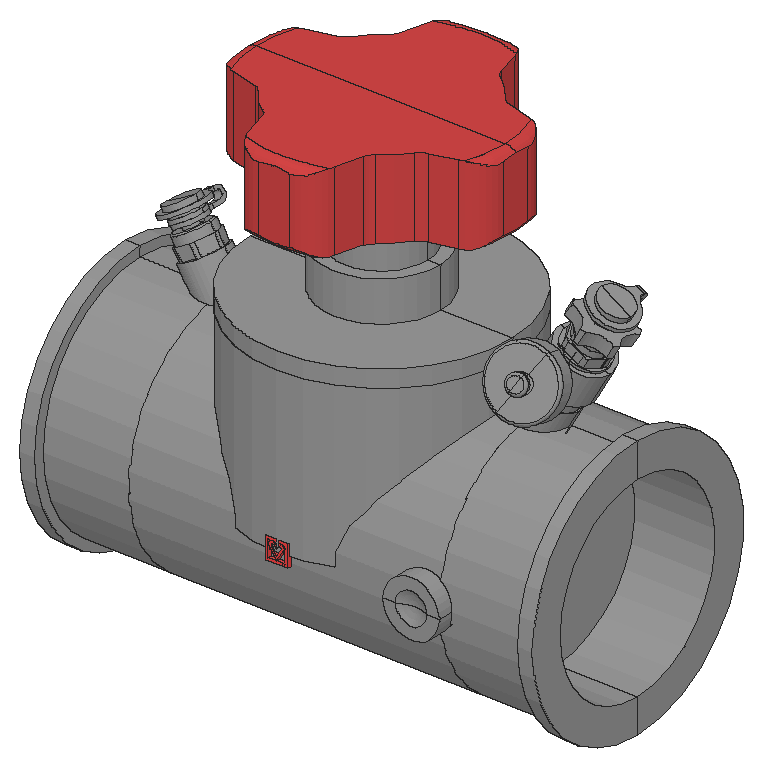
Revit family "HERZ Strömax Commissioning Valve With Test Points, Straight Body 4217 GML", category Rohrzubehör, Revit 2018
Family settings
  Bemaßung runder Anschluss = Durchmesser verwenden
  Teiletyp = Unterbricht
  OmniClass-Nummer = 23.65.55.14
  OmniClass-Titel = Valves for Liquid Services
  Arbeitsebenenbasiert = Nein
  Immer vertikal = Ja
  Beim Laden mit Abzugskörper schneiden = Nein
  Gemeinsam genutzt = Nein
Parameters
  kvs-value [instance] = if(Nennweite = 15.00 mm, 6.05, if(Nennweite = 20.00 mm, 6.11, if(Nennweite = 25.00 mm, 9.22, if(Nennweite = 32.00 mm, 18.83, if(Nennweite = 40.00 mm, 23.29, if(Nennweite = 50.00 mm, 35.26, if(Nennweite = 65.00 mm, 52.11, if(Nennweite = 80.00 mm, 76.1, 0))))))))  # 76.1
  W02 = 60.00°  # constant formula
  W01 = 30.00°  # constant formula
  URL = "www.herzvalves.com"
  SC_NennweiteBerechnet = 0
  SC_Dimension = ""
  SCRNSEQ = "ARM;ARM_TYP=\"STRV\";2"
  SCRNCODE = "05;07;02"  # constant formula
  S02 = 60.00 mm  # constant formula
  S01 [instance] = H00 + H01  # 119.31 mm
  R01 [instance] = size_lookup("4217_GML_", "R1", 1.00 mm, Nennweite)  # 53.00 mm
  Part number [instance] = size_lookup("4217_GML_", "Artnr", 0, Nennweite)  # 1421718
  Nennweite [instance] = 80.00 mm
  Model = "STRÖMAX-GML commissioning valve with test points and capillary connection 1/2′′ – 3′′:\r\nScrew down model, brass version, socket x socket, non-rising spindle, spindle seal by means of double-O-ring, presetting by limitation of valve lift by means of internal spindle;\r\ndigital display of presetting step at the hand wheel window.\r\nOne standard test point and one test point fitted with a capillary connection are located adjacent to the hand wheel."
  Medium = "Water purity in accordance with the OeNORM H5195 and VDI 2035 standards.\r\nEthylene and propylene glycol can be mixed to a ratio of 25 - 50 vol. [%]."
  Max. operating pressure = 1600000.0 Pa  # constant formula
  Max. operating temperature (up to DN32) = 130 °C  # constant formula
  Max. operating temperature (from DN40) = 110 °C  # constant formula
  ML02 [instance] = size_lookup("4217_GML_", "ML2", 1.00 mm, Nennweite)  # 70.50 mm
  ML01 [instance] = size_lookup("4217_GML_", "ML1", 1.00 mm, Nennweite)  # 37.35 mm
  MD01 = 9.50 mm  # constant formula
  L02 [instance] = size_lookup("4217_GML_", "L2", 1.00 mm, Nennweite)  # 6.00 mm
  L01 [instance] = size_lookup("4217_GML_", "L1", 1.00 mm, Nennweite)  # 41.30 mm
  L00 [instance] = size_lookup("4217_GML_", "L", 1.00 mm, Nennweite)  # 210.00 mm
  IG [instance] = Nennweite / 2  # 40.00 mm
  Hersteller = "HERZ Armaturen Ges.m.b.H."  # constant formula
  H04 [instance] = size_lookup("4217_GML_", "H4", 1.00 mm, Nennweite)  # 19.00 mm
  H03 = 10.00 mm  # constant formula
  H02 [instance] = size_lookup("4217_GML_", "H2", 1.00 mm, Nennweite)  # 7.00 mm
  H01 [instance] = size_lookup("4217_GML_", "H1", 1.00 mm, Nennweite)  # 52.60 mm
  H00 [instance] = size_lookup("4217_GML_", "H", 1.00 mm, Nennweite)  # 66.71 mm
  Weight [instance] = if(Nennweite = 15.00 mm, "0.97 kg", if(Nennweite = 20.00 mm, "1.00 kg", if(Nennweite = 25.00 mm, "1.45 kg", if(Nennweite = 32.00 mm, "1.98 kg", if(Nennweite = 40.00 mm, "2.34 kg", if(Nennweite = 50.00 mm, "3.85 kg", if(Nennweite = 65.00 mm, "5.35 kg", if(Nennweite = 80.00 mm, "7.20 kg", "0 kg"))))))))  # "7.20 kg"
  GT [instance] = size_lookup("4217_GML_", "GT", 1.00 mm, Nennweite)  # 33.30 mm
  Field of application = "For hydraulic balancing in heating and cooling systems, adjustment of distribution mains, circuits, heat exchangers, heating and cooling registers, etc."
  Installation position = "The non-rising valve spindle arranged perpendicular to the valve axis guarantees optimum accessibility and optimum valve operation in any installation position."
  Differential pressure measurement = "STRÖMAX-GML commissioning valve is equipped with two test points.\r\nThe differential pressure can be measured using a suitable measuring instrument, which permits calculation of the flow rate as a function of the respective presetting step.\r\nThe HERZ-Measuring computer (1 8900 05) permits direct flow rate reading (consult the equipment manual)."
  DN80 [instance] = Nennweite = 80.00 mm  # yes
  DN65 [instance] = Nennweite = 65.00 mm  # no
  DN50_DN80 [instance] = or(Nennweite = 50.00 mm, Nennweite = 65.00 mm, Nennweite = 80.00 mm)  # yes
  DN50-DN80 [instance] = H00 + H01  # 119.31 mm
  DN50 [instance] = Nennweite = 50.00 mm  # no
  DN40 [instance] = Nennweite = 40.00 mm  # no
  DN32 [instance] = Nennweite = 32.00 mm  # no
  DN25 [instance] = Nennweite = 25.00 mm  # no
  DN20 [instance] = Nennweite = 20.00 mm  # no
  DN15_DN40 [instance] = or(Nennweite = 15.00 mm, Nennweite = 20.00 mm, Nennweite = 25.00 mm, Nennweite = 32.00 mm, Nennweite = 40.00 mm)  # no
  DN15-DN40 [instance] = H00 + H01  # 119.31 mm
  DN15 [instance] = Nennweite = 15.00 mm  # no
  D06 [instance] = size_lookup("4217_GML_", "D6", 1.00 mm, Nennweite)  # 24.30 mm
  D05 [instance] = size_lookup("4217_GML_", "D5", 1.00 mm, Nennweite)  # 19.00 mm
  D04 = 9.00 mm  # constant formula
  D03 [instance] = size_lookup("4217_GML_", "D3", 1.00 mm, Nennweite)  # 53.80 mm
  D02 [instance] = size_lookup("4217_GML_", "D2", 1.00 mm, Nennweite)  # 54.00 mm
  D01 [instance] = size_lookup("4217_GML_", "D1", 1.00 mm, Nennweite)  # 50.00 mm
  Body = "DZR brass"  # constant formula
Reference planes
  plane 1 "Mitte (Vorne/hinten)": y = 0
  plane 2: z = 0
  plane 3 "Mitte (Links/rechts)": x = 0
Forms (mm)
  Revolve 1, solid, material "Messing, weicher Gelbton, geschweißt", detail levels fine
    sketch origin (0, 0, 0) x (1, 0, 0) y (0, 0, 1)
      loop
        line (-105, 54) -> (-105, 40) -> (-71.7, 40) -> (-71.7, 0) -> (71.7, 0) -> (71.7, 40) -> (105, 40) -> (105, 54) -> (99, 54) -> (99, 50) -> (63.7, 50)
        arc (63.7, 50) -> (0, 53) -> (-63.7, 50) r 677.782
        line (-63.7, 50) -> (-99, 50) -> (-99, 54) -> (-105, 54)
      axis (-105, 0) -> (105, 0)
    angle from 0 to 360
  Revolve 2, solid, material "Messing, weicher Gelbton, geschweißt", detail levels fine
    sketch origin (0, 0, 0) x (1, 0, 0) y (0, 0, 1)
      loop
        line (37.35, 0) -> (72.6, 61.055) -> (64.373, 65.805) -> (29.123, 4.75) -> (37.35, 0)
      axis (37.35, 0) -> (72.6, 61.055)
    angle from 0 to 360
  Revolve 3, solid, material "Messing, weicher Gelbton, geschweißt", detail levels fine
    sketch origin (0, 0, 0) x (1, 0, 0) y (0, 0, 1)
      loop
        line (0, 0) -> (0, 66.71) -> (-53.8, 66.71) -> (-53.8, 0) -> (0, 0)
      axis (0, 66.71) -> (0, 0)
    angle from 0 to 360
  Revolve 4, solid, material "Messing, weicher Gelbton, geschweißt", detail levels fine
    sketch origin (0, 0, 0) x (-1, 0, 0) y (0, 0, 1)
      loop
        line (37.35, 0) -> (72.6, 61.055) -> (64.373, 65.805) -> (29.123, 4.75) -> (37.35, 0)
      axis (37.35, 0) -> (72.6, 61.055)
    angle from 0 to 360
  Revolve 5, solid, material "Messing, weicher Gelbton, geschweißt", visible <- "DN65", detail levels fine
    sketch origin (0, 0, 0) x (1, 0, 0) y (0, 1, 0)
      loop
        line (60, 47.945) -> (60, -47.945)
        arc (60, -47.945) -> (63.368, -48.598) -> (66.5, -50) r 15
        line (66.5, -50) -> (71.5, -50) -> (71.5, 50) -> (66.5, 50)
        arc (66.5, 50) -> (63.368, 48.598) -> (60, 47.945) r 15
      axis (60, 50) -> (60, -50)
    angle from 0 to 360
  Revolve 6, solid, material "Messing, weicher Gelbton, geschweißt", detail levels fine
    sketch origin (0, 0, 0) x (1, 0, 0) y (0, 0, 1)
      loop
        line (0, 66.71) -> (0, 119.31) -> (-9, 119.31) -> (-9, 109.31) -> (-19, 109.31) -> (-19, 90.31) -> (-24.3, 90.31) -> (-24.3, 73.71) -> (-53.8, 73.71) -> (-53.8, 66.71) -> (0, 66.71)
      axis (0, 119.31) -> (0, 66.71)
    angle from 0 to 360
  Revolve 7, solid, material "Messing, weicher Gelbton, geschweißt", visible <- "DN80", detail levels fine
    sketch origin (0, 0, 0) x (1, 0, 0) y (0, 1, 0)
      loop
        line (57, 53.945) -> (57, -53.945)
        arc (57, -53.945) -> (60.368, -54.598) -> (63.5, -56) r 15
        line (63.5, -56) -> (68.5, -56) -> (68.5, 56) -> (63.5, 56)
        arc (63.5, 56) -> (60.368, 54.598) -> (57, 53.945) r 15
      axis (57, 56) -> (57, -56)
    angle from 0 to 360
Lines and regions (mm)
  model lines, detail levels coarse+medium
    curve 1: line (-105, 0, 54) -> (-105, 0, -54)
    curve 2: line (-105, 0, -54) -> (105, 0, 54)
    curve 3: line (105, 0, 54) -> (105, 0, -54)
    curve 4: line (105, 0, -54) -> (-105, 0, 54)
    curve 5: line (0, 0, 0) -> (68.884, 0, 119.31)
    curve 6: line (42.903, 0, 134.31) -> (94.864, 0, 104.31)
    curve 7: line (-105, 54, 0) -> (-105, -54, 0)
    curve 8: line (-105, -54, 0) -> (105, 54, 0)
    curve 9: line (105, 54, 0) -> (105, -54, 0)
    curve 10: line (105, -54, 0) -> (-105, 54, 0)
    curve 11: line (0, 0, 0) -> (68.884, 119.31, 0)
    curve 12: line (42.903, 134.31, 0) -> (94.864, 104.31, 0)
Dimensions and locks
  "IG": Revolve 1 sketch curve to plane 2
  "GT": Revolve 1 sketch curve to Revolve 1 sketch curve  (x2)
  "IG": Revolve 1 sketch curve to Revolve 1 sketch curve
  "D01": Revolve 1 sketch curve to Revolve 1 sketch curve  (x2)
  "R01": Revolve 1 sketch curve to Revolve 1 sketch curve
  "L02": Revolve 1 sketch curve to Revolve 1 sketch curve  (x2)
  "L01": Revolve 1 sketch curve to Revolve 1 sketch curve  (x2)
  "D02": Revolve 1 sketch curve to plane 2  (x2)
  equal spacing: Revolve 1 sketch curve, plane 3 "Mitte (Links/rechts)", Revolve 1 sketch curve
  "L00": Revolve 1 sketch curve to Revolve 1 sketch curve
  "R01": nested 1 to plane 1 "Mitte (Vorne/hinten)"
  "ML01": Revolve 2 sketch curve to plane 3 "Mitte (Links/rechts)"
  "H00": Revolve 3 sketch curve to plane 2
  "D03": Revolve 3 sketch curve to Revolve 3 sketch curve
  "ML02": Revolve 2 sketch curve to Revolve 2 sketch curve
  "MD01": Revolve 2 sketch curve to Revolve 2 sketch curve  (x2)
  "ML02": Revolve 4 sketch curve to Revolve 4 sketch curve
  "MD01": Revolve 4 sketch curve to Revolve 4 sketch curve  (x2)
  "ML01": plane 3 "Mitte (Links/rechts)" to Revolve 4 sketch curve
  Revolve 5 sketch curve to Revolve 1 = 45.00 mm
  Revolve 5 sketch curve to Revolve 5 sketch curve = 11.50 mm  (x2)
  Revolve 5 sketch curve to plane 1 "Mitte (Vorne/hinten)" to Revolve 5 sketch curve = 50.00 mm, 50.00 mm
  "H00": Revolve 6 sketch curve to plane 2
  "H01": Revolve 6 sketch curve to Revolve 6 sketch curve
  "D04": Revolve 6 sketch curve to Revolve 6 sketch curve
  "D03": Revolve 6 sketch curve to Revolve 6 sketch curve
  "D05": Revolve 6 sketch curve to Revolve 6 sketch curve
  "D06": Revolve 6 sketch curve to Revolve 6 sketch curve
  "H02": Revolve 6 sketch curve to Revolve 6 sketch curve
  "H03": Revolve 6 sketch curve to Revolve 6 sketch curve
  "H04": Revolve 6 sketch curve to Revolve 6 sketch curve
  Revolve 7 sketch curve to Revolve 1 = 48.00 mm
  Revolve 7 sketch curve to Revolve 7 sketch curve = 11.50 mm  (x2)
  Revolve 7 sketch curve to plane 1 "Mitte (Vorne/hinten)" to Revolve 7 sketch curve = 56.00 mm, 56.00 mm
  "DN15-DN40": nested 2 to plane 2
  "DN50-DN80": nested 3 to plane 2
  "D02": curve 4 to plane 2 to curve 2
  "D02": curve 3 to plane 2 to curve 4
  equal spacing: curve 1, plane 3 "Mitte (Links/rechts)", curve 3
  "L00": curve 1 to curve 3
  equal spacing: Revolve 1, curve 5, Revolve 1
  "S01": curve 5 to plane 2
  equal spacing: curve 6, curve 5, curve 6
  "S02": curve 6 to curve 6
  "D02": curve 8 to plane 1 "Mitte (Vorne/hinten)" to curve 10
  "D02": curve 10 to plane 1 "Mitte (Vorne/hinten)" to curve 9
  equal spacing: curve 7, plane 3 "Mitte (Links/rechts)", curve 9
  "L00": curve 7 to curve 9
  equal spacing: curve 7, curve 11, curve 9
  "S01": plane 1 "Mitte (Vorne/hinten)" to curve 11
  equal spacing: curve 12, curve 11, curve 12
  "S02": curve 12 to curve 12
  radius of Revolve 5 sketch curve = 15.00 mm  (x2)
  radius of Revolve 7 sketch curve = 15.00 mm  (x2)
  "W01": angle Revolve 2 sketch curve to plane 3 "Mitte (Links/rechts)"  (x2)
  "W01": angle plane 3 "Mitte (Links/rechts)" to Revolve 4 sketch curve  (x2)
  "W02": angle plane 2 to curve 5
  "W02": angle plane 1 "Mitte (Vorne/hinten)" to curve 11
  aligned and locked: level to plane 2
Automatic sketch dimensions
  Revolve 5 sketch curve to Revolve 5 sketch curve = 1.153 mm  (x2)
  Revolve 5 sketch curve to Revolve 5 sketch curve = 5.00 mm  (x2)
  Revolve 5 sketch curve to Revolve 5 sketch curve = 2.854 mm  (x2)
  Revolve 7 sketch curve to Revolve 7 sketch curve = 1.153 mm  (x2)
  Revolve 7 sketch curve to Revolve 7 sketch curve = 5.00 mm  (x2)
  Revolve 7 sketch curve to Revolve 7 sketch curve = 8.854 mm  (x2)
  Revolve 1 sketch curve to level = 0.00 mm  (x2)
  Revolve 1 sketch curve to Revolve 1 sketch curve = 1429.986 mm
  Revolve 1 sketch curve to Revolve 1 sketch curve = 1762.604 mm
  Revolve 2 sketch curve to level = 0.00 mm  (x2)
  Revolve 3 sketch curve to level = 0.00 mm
  Revolve 3 sketch curve to plane 3 "Mitte (Links/rechts)" = 0.00 mm  (x2)
  Revolve 3 sketch curve to Revolve 3 sketch curve = 366.045 mm
  Revolve 3 sketch curve to Revolve 3 sketch curve = 2179.415 mm
  Revolve 4 sketch curve to level = 0.00 mm  (x2)
  Revolve 6 sketch curve to plane 3 "Mitte (Links/rechts)" = 0.00 mm  (x2)
  Revolve 6 sketch curve to level = 366.045 mm
  Revolve 6 sketch curve to Revolve 6 sketch curve = 2146.115 mm
Nested families
  nested 1: "Herz-Logo-vorne" at (0, -53, 0) x (0, 1, 0) z (0, 0, 1), type "Herz-Logo-vorne", detail levels fine
  nested 2: "Strangregulierventil-Handrad-Gerade (Rot) DN15-DN40" at (0, 0, 119.31), visible <- "DN15_DN40", type "Strangregulierventil-Handrad-Gerade (Rot) DN15-DN40", detail levels fine
    with Nennweite 0.00 mm, Gewicht 0.00 kg, Bestellnummer 0
  nested 3: "Strangregulierventil-Handrad-Gerade (Rot) DN50-DN80" at (0, 0, 119.31), visible <- "DN50_DN80", type "Strangregulierventil-Handrad-Gerade (Rot) DN50-DN80", detail levels fine
    with Nennweite 0.00 mm, Gewicht 0.00 kg, Bestellnummer 0
  nested 4: "Messstutzen_Band-KFE_Austritt_30Grad_(oben)" at (61.39, 0, 59.409), visible <- "DN50", type "Messstutzen_Band-KFE_Austritt_30Grad_(oben)", detail levels fine
    with Schutzkappe yes, Nennweite 0.00 mm, Gewicht 0.00 kg, Bestellnummer 0
  nested 5: "Messstutzen_Band_Eintritt_30Grad_(oben)" at (-47.24, 0, 34.901) x (-1, 0, 0) z (0, 0, 1), visible <- "DN50", type "Messstutzen_Band_Eintritt_30Grad_(oben)", detail levels fine
    with Schutzkappe yes, Nennweite 0.00 mm, Gewicht 0.00 kg, Bestellnummer 0
  nested 6: "Messstutzen_Band-KFE_Austritt_30Grad_(oben)" at (41.17, 0, 35.507), visible <- "DN15", type "Messstutzen_Band-KFE_Austritt_30Grad_(oben)", detail levels fine
    with Schutzkappe yes, Nennweite 0.00 mm, Gewicht 0.00 kg, Bestellnummer 0
  nested 7: "Messstutzen_Band_Eintritt_30Grad_(oben)" at (-27.02, 0, 10.999) x (-1, 0, 0) z (0, 0, 1), visible <- "DN15", type "Messstutzen_Band_Eintritt_30Grad_(oben)", detail levels fine
    with Schutzkappe yes, Nennweite 0.00 mm, Gewicht 0.00 kg, Bestellnummer 0
  nested 8: "Messstutzen_Band_Eintritt_30Grad_(oben)" at (-24.855, 0, 13.553) x (-1, 0, 0) z (0, 0, 1), visible <- "DN20", type "Messstutzen_Band_Eintritt_30Grad_(oben)", detail levels fine
    with Schutzkappe yes, Nennweite 0.00 mm, Gewicht 0.00 kg, Bestellnummer 0
  nested 9: "Messstutzen_Band-KFE_Austritt_30Grad_(oben)" at (39.005, 0, 38.062), visible <- "DN20", type "Messstutzen_Band-KFE_Austritt_30Grad_(oben)", detail levels fine
    with Schutzkappe yes, Nennweite 0.00 mm, Gewicht 0.00 kg, Bestellnummer 0
  nested 10: "Messstutzen_Band_Eintritt_30Grad_(oben)" at (-29.265, 0, 17.883) x (-1, 0, 0) z (0, 0, 1), visible <- "DN25", type "Messstutzen_Band_Eintritt_30Grad_(oben)", detail levels fine
    with Schutzkappe yes, Nennweite 0.00 mm, Gewicht 0.00 kg, Bestellnummer 0
  nested 11: "Messstutzen_Band-KFE_Austritt_30Grad_(oben)" at (43.415, 0, 42.392), visible <- "DN25", type "Messstutzen_Band-KFE_Austritt_30Grad_(oben)", detail levels fine
    with Schutzkappe yes, Nennweite 0.00 mm, Gewicht 0.00 kg, Bestellnummer 0
  nested 12: "Messstutzen_Band_Eintritt_30Grad_(oben)" at (-37.74, 0, 24.595) x (-1, 0, 0) z (0, 0, 1), visible <- "DN32", type "Messstutzen_Band_Eintritt_30Grad_(oben)", detail levels fine
    with Schutzkappe yes, Nennweite 0.00 mm, Gewicht 0.00 kg, Bestellnummer 0
  nested 13: "Messstutzen_Band-KFE_Austritt_30Grad_(oben)" at (51.89, 0, 49.104), visible <- "DN32", type "Messstutzen_Band-KFE_Austritt_30Grad_(oben)", detail levels fine
    with Schutzkappe yes, Nennweite 0.00 mm, Gewicht 0.00 kg, Bestellnummer 0
  nested 14: "Messstutzen_Band_Eintritt_30Grad_(oben)" at (-42.8, 0, 28.665) x (-1, 0, 0) z (0, 0, 1), visible <- "DN40", type "Messstutzen_Band_Eintritt_30Grad_(oben)", detail levels fine
    with Schutzkappe yes, Nennweite 0.00 mm, Gewicht 0.00 kg, Bestellnummer 0
  nested 15: "Messstutzen_Band-KFE_Austritt_30Grad_(oben)" at (56.95, 0, 53.174), visible <- "DN40", type "Messstutzen_Band-KFE_Austritt_30Grad_(oben)", detail levels fine
    with Schutzkappe yes, Nennweite 0.00 mm, Gewicht 0.00 kg, Bestellnummer 0
  nested 16: "Messstutzen_Band_Eintritt_30Grad_(oben)" at (-54.5, 0, 38.105) x (-1, 0, 0) z (0, 0, 1), visible <- "DN65", type "Messstutzen_Band_Eintritt_30Grad_(oben)", detail levels fine
    with Schutzkappe yes, Nennweite 0.00 mm, Gewicht 0.00 kg, Bestellnummer 0
  nested 17: "Messstutzen_Band-KFE_Austritt_30Grad_(oben)" at (68.65, 0, 62.614), visible <- "DN65", type "Messstutzen_Band-KFE_Austritt_30Grad_(oben)", detail levels fine
    with Schutzkappe yes, Nennweite 0.00 mm, Gewicht 0.00 kg, Bestellnummer 0
  nested 18: "Messstutzen_Band_Eintritt_30Grad_(oben)" at (-63.85, 0, 45.899) x (-1, 0, 0) z (0, 0, 1), visible <- "DN80", type "Messstutzen_Band_Eintritt_30Grad_(oben)", detail levels fine
    with Schutzkappe yes, Nennweite 0.00 mm, Gewicht 0.00 kg, Bestellnummer 0
  nested 19: "Messstutzen_Band-KFE_Austritt_30Grad_(oben)" at (78, 0, 70.408), visible <- "DN80", type "Messstutzen_Band-KFE_Austritt_30Grad_(oben)", detail levels fine
    with Schutzkappe yes, Nennweite 0.00 mm, Gewicht 0.00 kg, Bestellnummer 0
Connectors
  piping at (-71.7, 0, 0), diameter 80, driven by "Nennweite"
    settings: on Revolve 1, index 1, connector inside diameter 609.6 mm, connector length 0.00 mm, flow factor 0, pipe flow 0.0 L/s, pressure drop 0.0 Pa, fitting loss kfactor 0, connector angle 0.00°, fixture units 0, engagement length 0.00 mm, angle of deflection 0.00°, flow configuration 0, flow direction 1, fitting loss method 0, system type 29, joint type 0, gender type 0, connector reference index -1, connector utility 0, adjustable connector no, is connector primary yes, connector description ""
  piping at (71.7, 0, 0), diameter 80, driven by "Nennweite"
    settings: on Revolve 1, index 2, connector inside diameter 609.6 mm, connector length 0.00 mm, flow factor 0, pipe flow 0.0 L/s, pressure drop 0.0 Pa, fitting loss kfactor 0, connector angle 0.00°, fixture units 0, engagement length 0.00 mm, angle of deflection 0.00°, flow configuration 0, flow direction 2, fitting loss method 0, system type 29, joint type 0, gender type 0, connector reference index -1, connector utility 0, adjustable connector no, is connector primary no, connector description ""
Definition of nested family "Herz-Logo-vorne"
  Reference planes
    plane 1 "Mitte (Vorne/hinten)": y = 0
    plane 2: z = 0
    plane 3 "Mitte (Links/rechts)": x = 0
  Forms (mm)
    Extrusion 1, solid
      sketch origin (0.732, -0.018, 0.017) x (0, -1, 0) y (0, 0, 1)
        loop
          line (-0.018, -4.517) -> (4.482, -4.517) -> (4.482, 4.483) -> (-4.518, 4.483) -> (-4.518, -4.517) -> (-0.018, -4.517)
        loop
          line (-0.05, -3.48) -> (3.482, -3.48) -> (3.482, 3.483) -> (-3.518, 3.483) -> (-3.518, -3.48) -> (-0.05, -3.48)
        loop
          arc (-0.018, 2.383) -> (-1.543, 3.287) -> (-3.067, 2.383) r 1.738
          arc (-3.067, 2.383) -> (-3.191, 1.899) -> (-3.067, 1.415) r 1.009
          line (-3.067, 1.415) -> (-0.018, -3.281) -> (3.032, 1.415)
          arc (3.032, 1.415) -> (3.156, 1.899) -> (3.032, 2.383) r 1.009
          arc (3.032, 2.383) -> (1.507, 3.287) -> (-0.018, 2.383) r 1.738
        loop
          arc (1.885, 1.272) -> (2.005, 1.675) -> (1.885, 2.079) r 0.74
          arc (1.885, 2.079) -> (1.265, 2.416) -> (0.644, 2.079) r 0.74
          line (0.644, 2.079) -> (-0.018, 0.97) -> (-0.679, 2.079)
          arc (-0.679, 2.079) -> (-1.3, 2.416) -> (-1.921, 2.079) r 0.74
          arc (-1.921, 2.079) -> (-2.04, 1.675) -> (-1.921, 1.272) r 0.74
          line (-1.921, 1.272) -> (-0.018, -1.658) -> (1.885, 1.272)
      from 0 to 1.5
  Dimensions and locks
    aligned and locked: level to plane 2
Definition of nested family "Strangregulierventil-Handrad-Gerade (Rot) DN15-DN40"
  Parameters (values of type "Strangregulierventil-Handrad-Gerade (Rot) DN15-DN40")
    URL = "www.herz-armaturen.at"
    Nennweite [instance] = 0.00 mm
    Manufacturer = "Herz Armaturen GmbH"  # constant formula
    Gewicht [instance] = 0.00 kg
    Bestellnummer [instance] = 0
  Reference planes
    plane 1 "Mitte (Vorne/hinten)": y = 0
    plane 2: z = 0
    plane 3 "Mitte (Links/rechts)": x = 0
  Forms (mm)
    Revolve 1, solid, detail levels fine
      sketch origin (0, 0, 0) x (1, 0, 0) y (0, 0, 1)
        loop
          line (0, 0) -> (0, 24.95) -> (-30.992, 24.95)
          arc (-30.992, 24.95) -> (-34.37, 23.636) -> (-35.973, 20.386) r 5
          line (-35.973, 20.386) -> (-37, 8.65) -> (-35.986, -2.936)
          arc (-35.986, -2.936) -> (-34.383, -6.186) -> (-31.005, -7.5) r 5
          line (-31.005, -7.5) -> (-15, -7.5) -> (-15, 0) -> (0, 0)
        axis (0, 24.95) -> (0, -7.5)
      angle from 0 to 360
    Extrusion 2, void
      sketch origin (0, 0, 20.3) x (1, 0, 0) y (0, 1, 0)
        loop
          line (3.861, 35.5) -> (-3.861, 35.5)
          arc (-3.861, 35.5) -> (-8.731, 33.847) -> (-11.589, 29.571) r 8
          line (-11.589, 29.571) -> (-13.284, 23.245)
          arc (-13.284, 23.245) -> (-13.982, 21.722) -> (-15.144, 20.516) r 5
          arc (-15.144, 20.516) -> (-18.031, 18.031) -> (-20.516, 15.144) r 25.5
          arc (-20.516, 15.144) -> (-21.722, 13.982) -> (-23.245, 13.284) r 5
          line (-23.245, 13.284) -> (-29.571, 11.589)
          arc (-29.571, 11.589) -> (-33.847, 8.731) -> (-35.5, 3.861) r 8
          line (-35.5, 3.861) -> (-35.5, -3.861)
          arc (-35.5, -3.861) -> (-33.847, -8.731) -> (-29.571, -11.589) r 8
          line (-29.571, -11.589) -> (-23.245, -13.284)
          arc (-23.245, -13.284) -> (-21.722, -13.982) -> (-20.516, -15.144) r 5
          arc (-20.516, -15.144) -> (-18.031, -18.031) -> (-15.144, -20.516) r 25.5
          arc (-15.144, -20.516) -> (-13.982, -21.722) -> (-13.284, -23.245) r 5
          line (-13.284, -23.245) -> (-11.589, -29.571)
          arc (-11.589, -29.571) -> (-8.731, -33.847) -> (-3.861, -35.5) r 8
          line (-3.861, -35.5) -> (3.861, -35.5)
          arc (3.861, -35.5) -> (8.731, -33.847) -> (11.589, -29.571) r 8
          line (11.589, -29.571) -> (13.284, -23.245)
          arc (13.284, -23.245) -> (13.982, -21.722) -> (15.144, -20.516) r 5
          arc (15.144, -20.516) -> (18.031, -18.031) -> (20.516, -15.144) r 25.5
          arc (20.516, -15.144) -> (21.722, -13.982) -> (23.245, -13.284) r 5
          line (23.245, -13.284) -> (29.571, -11.589)
          arc (29.571, -11.589) -> (33.847, -8.731) -> (35.5, -3.861) r 8
          line (35.5, -3.861) -> (35.5, 3.861)
          arc (35.5, 3.861) -> (33.847, 8.731) -> (29.571, 11.589) r 8
          line (29.571, 11.589) -> (23.245, 13.284)
          arc (23.245, 13.284) -> (21.722, 13.982) -> (20.516, 15.144) r 5
          arc (20.516, 15.144) -> (18.031, 18.031) -> (15.144, 20.516) r 25.5
          arc (15.144, 20.516) -> (13.982, 21.722) -> (13.284, 23.245) r 5
          line (13.284, 23.245) -> (11.589, 29.571)
          arc (11.589, 29.571) -> (8.731, 33.847) -> (3.861, 35.5) r 8
        loop
          circle (0, 0) r 38
      from -31.266 to 7.923
  Cuts and joins
    Extrusion 2 cuts Revolve 1
  Dimensions and locks
    Revolve 1 sketch curve to Revolve 1 sketch curve = 15.00 mm
    Revolve 1 sketch curve to Revolve 1 sketch curve = 16.15 mm
    Revolve 1 sketch curve to Revolve 1 sketch curve = 16.30 mm
    angle Revolve 1 sketch curve to Revolve 1 sketch curve = 95.00°
    aligned and locked: level to plane 2
Definition of nested family "Strangregulierventil-Handrad-Gerade (Rot) DN50-DN80"
  Parameters (values of type "Strangregulierventil-Handrad-Gerade (Rot) DN50-DN80")
    URL = "www.herz-armaturen.at"
    Nennweite [instance] = 0.00 mm
    Manufacturer = "Herz Armaturen GmbH"  # constant formula
    Gewicht [instance] = 0.00 kg
    Bestellnummer [instance] = 0
  Reference planes
    plane 1 "Mitte (Vorne/hinten)": y = 0
    plane 2: z = 0
    plane 3 "Mitte (Links/rechts)": x = 0
  Forms (mm)
    Revolve 1, solid, detail levels fine
      sketch origin (0, 0, 0) x (1, 0, 0) y (0, 0, 1)
        loop
          line (0, 0) -> (0, 24.95) -> (-50.992, 24.95)
          arc (-50.992, 24.95) -> (-54.37, 23.636) -> (-55.973, 20.386) r 5
          line (-55.973, 20.386) -> (-57, 8.65) -> (-55.986, -2.936)
          arc (-55.986, -2.936) -> (-54.383, -6.186) -> (-51.005, -7.5) r 5
          line (-51.005, -7.5) -> (-15, -7.5) -> (-15, 0) -> (0, 0)
        axis (0, 24.95) -> (0, -7.5)
      angle from 0 to 360
    Extrusion 2, void
      sketch origin (0, 0, 20.3) x (1, 0, 0) y (0, 1, 0)
        loop
          line (-55, 6.292) -> (-55, -6.292)
          arc (-55, -6.292) -> (-52.52, -13.597) -> (-46.106, -17.883) r 12
          line (-46.106, -17.883) -> (-35.399, -20.752)
          arc (-35.399, -20.752) -> (-33.541, -21.612) -> (-32.08, -23.047) r 6
          arc (-32.08, -23.047) -> (-27.931, -27.931) -> (-23.047, -32.08) r 39.5
          arc (-23.047, -32.08) -> (-21.612, -33.541) -> (-20.752, -35.399) r 6
          line (-20.752, -35.399) -> (-17.883, -46.106)
          arc (-17.883, -46.106) -> (-13.597, -52.52) -> (-6.292, -55) r 12
          line (-6.292, -55) -> (6.292, -55)
          arc (6.292, -55) -> (13.597, -52.52) -> (17.883, -46.106) r 12
          line (17.883, -46.106) -> (20.752, -35.399)
          arc (20.752, -35.399) -> (21.612, -33.541) -> (23.047, -32.08) r 6
          arc (23.047, -32.08) -> (27.931, -27.931) -> (32.08, -23.047) r 39.5
          arc (32.08, -23.047) -> (33.541, -21.612) -> (35.399, -20.752) r 6
          line (35.399, -20.752) -> (46.106, -17.883)
          arc (46.106, -17.883) -> (52.52, -13.597) -> (55, -6.292) r 12
          line (55, -6.292) -> (55, 6.292)
          arc (55, 6.292) -> (52.52, 13.597) -> (46.106, 17.883) r 12
          line (46.106, 17.883) -> (35.399, 20.752)
          arc (35.399, 20.752) -> (33.541, 21.612) -> (32.08, 23.047) r 6
          arc (32.08, 23.047) -> (27.931, 27.931) -> (23.047, 32.08) r 39.5
          arc (23.047, 32.08) -> (21.612, 33.541) -> (20.752, 35.399) r 6
          line (20.752, 35.399) -> (17.883, 46.106)
          arc (17.883, 46.106) -> (13.597, 52.52) -> (6.292, 55) r 12
          line (6.292, 55) -> (-6.292, 55)
          arc (-6.292, 55) -> (-13.597, 52.52) -> (-17.883, 46.106) r 12
          line (-17.883, 46.106) -> (-20.752, 35.399)
          arc (-20.752, 35.399) -> (-21.612, 33.541) -> (-23.047, 32.08) r 6
          arc (-23.047, 32.08) -> (-27.931, 27.931) -> (-32.08, 23.047) r 39.5
          arc (-32.08, 23.047) -> (-33.541, 21.612) -> (-35.399, 20.752) r 6
          line (-35.399, 20.752) -> (-46.106, 17.883)
          arc (-46.106, 17.883) -> (-52.52, 13.597) -> (-55, 6.292) r 12
        loop
          circle (0, 0) r 60
      from -31.161 to 7.489
  Cuts and joins
    Extrusion 2 cuts Revolve 1
  Dimensions and locks
    Revolve 1 sketch curve to Revolve 1 sketch curve = 15.00 mm
    Revolve 1 sketch curve to Revolve 1 sketch curve = 16.15 mm
    Revolve 1 sketch curve to Revolve 1 sketch curve = 16.30 mm
    Revolve 1 sketch curve to Revolve 1 sketch curve = 57.00 mm
    angle Revolve 1 sketch curve to Revolve 1 sketch curve = 95.00°
    aligned and locked: level to plane 2
Definition of nested family "Messstutzen_Band-KFE_Austritt_30Grad_(oben)"
  Parameters (values of type "Messstutzen_Band-KFE_Austritt_30Grad_(oben)")
    URL = "www.herz-armaturen.at"
    Schutzkappe [instance] = yes
    Nennweite [instance] = 0.00 mm
    Manufacturer = "Herz Armaturen GmbH"  # constant formula
    Gewicht [instance] = 0.00 kg
    Bestellnummer [instance] = 0
  Reference planes
    plane 1 "Mitte (Vorne/hinten)": y = 0
    plane 2: z = 0
    plane 3 "Mitte (Links/rechts)": x = 0
  Forms (mm)
    Revolve 1, solid, detail levels fine
      sketch origin (0, 0, 0) x (0.866025, 0, -0.5) y (0.5, 0, 0.866025)
        loop
          line (-7.4, 9) -> (-5.55, 9) -> (-5.55, 6)
          arc (-5.55, 6) -> (-5.626, 5.617) -> (-5.843, 5.293) r 1
          line (-5.843, 5.293) -> (-6.455, 4.681) -> (-6.455, 0.9) -> (-5.555, 0) -> (-2, 0) -> (-2, 23) -> (-2, 35.8) -> (-3.805, 35.8) -> (-4.415, 35.19) -> (-4.415, 30.863) -> (-3.7, 30.45) -> (-3.7, 27) -> (-7.4, 27) -> (-7.4, 9)
        axis (0, 0) -> (0, 35.8)
      angle from 0 to 360
    Extrusion 2, solid, detail levels fine
      sketch origin (8.75, 0, 15.155) x (0, 1, 0) y (-0.866025, 0, 0.5)
        loop
          arc (-7.07, 5.156) -> (-7.578, 4.375) -> (-8, 3.544) r 8.75
          line (-8, 3.544) -> (-8, -3.544)
          arc (-8, -3.544) -> (-7.578, -4.375) -> (-7.07, -5.156) r 8.75
          line (-7.07, -5.156) -> (-0.93, -8.7)
          arc (-0.93, -8.7) -> (0, -8.75) -> (0.93, -8.7) r 8.75
          line (0.93, -8.7) -> (7.07, -5.156)
          arc (7.07, -5.156) -> (7.578, -4.375) -> (8, -3.544) r 8.75
          line (8, -3.544) -> (8, 3.544)
          arc (8, 3.544) -> (7.578, 4.375) -> (7.07, 5.156) r 8.75
          line (7.07, 5.156) -> (0.93, 8.7)
          arc (0.93, 8.7) -> (0, 8.75) -> (-0.93, 8.7) r 8.75
          line (-0.93, 8.7) -> (-7.07, 5.156)
      from -5.51 to -1.21
    Revolve 3, solid, visible <- "Schutzkappe", detail levels fine
      sketch origin (0, 0, 0) x (0.866025, 0, -0.5) y (0.5, 0, 0.866025)
        loop
          line (0, 35.878) -> (0, 36.678) -> (-7, 36.678) -> (-7, 33.378) -> (-6.1, 33.378) -> (-6.1, 31.678) -> (-6.9, 31.678) -> (-6.9, 30.178) -> (-4.415, 30.178) -> (-4.415, 35.268) -> (-3.805, 35.878) -> (0, 35.878)
        axis (0, 30.178) -> (0, 36.678)
      angle from 0 to 360
    Extrusion 4, solid, detail levels fine
      sketch origin (15, 0, 25.981) x (0, 1, 0) y (0.866025, 0, -0.5)
        loop
          circle (0, 0) r 3.7
        loop
          arc (5.505, -3.906) -> (7.288, -2.358) -> (9.582, -1.8) r 5
          line (9.582, -1.8) -> (9.582, 1.8)
          arc (9.582, 1.8) -> (7.288, 2.358) -> (5.505, 3.906) r 5
          arc (5.505, 3.906) -> (-6.75, 0) -> (5.505, -3.906) r 6.75
      from 0 to -1.5
    Extrusion 5, solid, detail levels fine
      sketch origin (16.589, 0, 28.733) x (0, 1, 0) y (0.866025, 0, -0.5)
        loop
          circle (0, 0) r 6.1
        loop
          arc (8.652, -4.495) -> (10.493, -2.527) -> (13.089, -1.8) r 5
          line (13.089, -1.8) -> (13.089, 1.8)
          arc (13.089, 1.8) -> (10.493, 2.527) -> (8.652, 4.495) r 5
          arc (8.652, 4.495) -> (-9.75, 0) -> (8.652, -4.495) r 9.75
      from 0 to -1.5
    Sweep 6, solid, detail levels fine
      path origin (0, 0, 0) x (-0.5, 0, -0.866025) y (0, 1, 0)
        loop
          line (-29.25, 9.582) -> (-29.25, 14.522)
          arc (-29.25, 14.522) -> (-30.839, 16.112) -> (-32.428, 14.522) r 1.589
          line (-32.428, 14.522) -> (-32.428, 13.089)
      profile origin (14.625, 12.052, 25.331) x (0.5, 0, 0.866025) y (0.866025, 0, -0.5)
        loop
          line (-0.75, -1.8) -> (0.75, -1.8) -> (0.75, 1.8) -> (-0.75, 1.8) -> (-0.75, -1.8)
    Extrusion 7, solid, detail levels fine
      sketch origin (-87.639, 0, 50.598) x (0.866025, 0, -0.5) y (0, 1, 0)
        loop
          arc (112.053, 5.113) -> (111.589, 6) -> (111.053, 6.845) r 12
          arc (111.053, 6.845) -> (105.696, 7.794) -> (102.196, 11.958) r 7.971
          arc (102.196, 11.958) -> (101.196, 12) -> (100.196, 11.958) r 12
          arc (100.196, 11.958) -> (96.696, 7.794) -> (91.34, 6.845) r 7.971
          arc (91.34, 6.845) -> (90.804, 6) -> (90.34, 5.113) r 12
          arc (90.34, 5.113) -> (92.196, 0) -> (90.34, -5.113) r 7.971
          arc (90.34, -5.113) -> (90.804, -6) -> (91.34, -6.845) r 12
          arc (91.34, -6.845) -> (96.696, -7.794) -> (100.196, -11.958) r 7.971
          arc (100.196, -11.958) -> (101.196, -12) -> (102.196, -11.958) r 12
          arc (102.196, -11.958) -> (105.696, -7.794) -> (111.053, -6.845) r 7.971
          arc (111.053, -6.845) -> (111.589, -6) -> (112.053, -5.113) r 12
          arc (112.053, -5.113) -> (110.196, 0) -> (112.053, 5.113) r 7.971
      from 22.3 to 28.5
    Revolve 8, solid, detail levels fine
      sketch origin (-47.563, 0, 4.367) x (-0.866025, 0, 0.5) y (0.5, 0, 0.866025)
        loop
          line (-43.374, 0) -> (-37.874, 0) -> (-36.774, 1.1) -> (-36.774, 4.9) -> (-37.874, 6) -> (-37.874, 8.4) -> (-36.424, 8.4) -> (-36.424, 9.2) -> (-34.424, 9.2) -> (-34.424, 15.59) -> (-31.874, 15.59) -> (-31.874, 30.99) -> (-33.874, 30.99) -> (-33.874, 31.99) -> (-43.374, 31.99) -> (-43.374, 0)
        loop
          line (-43.374, 39) -> (-43.374, 36.29) -> (-35.874, 36.29) -> (-35.874, 39) -> (-43.374, 39)
        axis (-43.374, 39) -> (-43.374, 0)
      angle from 0 to 360
    Revolve 9, solid, detail levels fine
      sketch origin (0, 0, 0) x (0, -1, 0) y (0.5, 0, 0.866025)
        loop
          line (0, -1.01) -> (32.627, 14.204) -> (27.556, 25.08) -> (25.934, 25.67) -> (21.602, 23.65) -> (14.873, 11.994) -> (-2.324, 3.975) -> (0, -1.01)
        axis (32.627, 14.204) -> (0, -1.01)
      angle from 0 to 360
    Revolve 10, solid, detail levels fine
      sketch origin (-19.899, -51.188, -34.465) x (-0.453154, -0.422618, -0.784886) y (0.211309, -0.906308, 0.365998)
        loop
          line (-56.786, 8) -> (-45.747, 8) -> (-45.747, 0) -> (-43.834, 0) -> (-42.786, 1.048) -> (-42.786, 8.048)
          arc (-42.786, 8.048) -> (-43.065, 8.721) -> (-43.738, 9) r 0.952
          line (-43.738, 9) -> (-52.974, 9)
          arc (-52.974, 9) -> (-53.548, 9.238) -> (-53.786, 9.812) r 0.812
          line (-53.786, 9.812) -> (-53.786, 12) -> (-52.786, 12) -> (-52.786, 13.03)
          arc (-52.786, 13.03) -> (-53.07, 13.716) -> (-53.756, 14) r 0.97
          line (-53.756, 14) -> (-56.786, 14) -> (-56.786, 8)
        axis (-56.786, 14) -> (-56.786, 0)
      angle from 0 to 360
  Dimensions and locks
    aligned and locked: level to plane 2
Definition of nested family "Messstutzen_Band_Eintritt_30Grad_(oben)"
  Parameters (values of type "Messstutzen_Band_Eintritt_30Grad_(oben)")
    URL = "www.herz-armaturen.at"
    Schutzkappe [instance] = yes
    Nennweite [instance] = 0.00 mm
    Manufacturer = "Herz Armaturen GmbH"  # constant formula
    Gewicht [instance] = 0.00 kg
    Bestellnummer [instance] = 0
  Reference planes
    plane 1 "Mitte (Vorne/hinten)": y = 0
    plane 2: z = 0
    plane 3 "Mitte (Links/rechts)": x = 0
  Forms (mm)
    Revolve 1, solid, detail levels fine
      sketch origin (0, 0, 0) x (0.866025, 0, -0.5) y (0.5, 0, 0.866025)
        loop
          line (-7.4, 9) -> (-5.55, 9) -> (-5.55, 6)
          arc (-5.55, 6) -> (-5.626, 5.617) -> (-5.843, 5.293) r 1
          line (-5.843, 5.293) -> (-6.455, 4.681) -> (-6.455, 0.9) -> (-5.555, 0) -> (-2, 0) -> (-2, 17.5) -> (-8.4, 17.5)
          arc (-8.4, 17.5) -> (-7.693, 17.207) -> (-7.4, 16.5) r 1
          line (-7.4, 16.5) -> (-7.4, 9)
        loop
          line (-3.7, 27) -> (-7.3, 27) -> (-7.9, 26.4) -> (-7.9, 23) -> (-2, 23) -> (-2, 35.8) -> (-3.805, 35.8) -> (-4.415, 35.19) -> (-4.415, 30.863) -> (-3.7, 30.45) -> (-3.7, 27)
        axis (0, 0) -> (0, 35.8)
      angle from 0 to 360
    Extrusion 2, solid, detail levels fine
      sketch origin (8.75, 0, 15.155) x (0, 1, 0) y (-0.866025, 0, 0.5)
        loop
          arc (-7.07, 5.156) -> (-7.578, 4.375) -> (-8, 3.544) r 8.75
          line (-8, 3.544) -> (-8, -3.544)
          arc (-8, -3.544) -> (-7.578, -4.375) -> (-7.07, -5.156) r 8.75
          line (-7.07, -5.156) -> (-0.93, -8.7)
          arc (-0.93, -8.7) -> (0, -8.75) -> (0.93, -8.7) r 8.75
          line (0.93, -8.7) -> (7.07, -5.156)
          arc (7.07, -5.156) -> (7.578, -4.375) -> (8, -3.544) r 8.75
          line (8, -3.544) -> (8, 3.544)
          arc (8, 3.544) -> (7.578, 4.375) -> (7.07, 5.156) r 8.75
          line (7.07, 5.156) -> (0.93, 8.7)
          arc (0.93, 8.7) -> (0, 8.75) -> (-0.93, 8.7) r 8.75
          line (-0.93, 8.7) -> (-7.07, 5.156)
      from 0 to 5.5
    Revolve 3, solid, visible <- "Schutzkappe", detail levels fine
      sketch origin (0, 0, 0) x (0.866025, 0, -0.5) y (0.5, 0, 0.866025)
        loop
          line (0, 35.878) -> (0, 36.678) -> (-7, 36.678) -> (-7, 33.378) -> (-6.1, 33.378) -> (-6.1, 31.678) -> (-6.9, 31.678) -> (-6.9, 30.178) -> (-4.415, 30.178) -> (-4.415, 35.268) -> (-3.805, 35.878) -> (0, 35.878)
        axis (0, 30.178) -> (0, 36.678)
      angle from 0 to 360
    Extrusion 4, solid, detail levels fine
      sketch origin (14.25, 0, 24.682) x (0, 1, 0) y (0.866025, 0, -0.5)
        loop
          circle (0, 0) r 3.7
        loop
          arc (5.505, -3.906) -> (7.288, -2.358) -> (9.582, -1.8) r 5
          line (9.582, -1.8) -> (9.582, 1.8)
          arc (9.582, 1.8) -> (7.288, 2.358) -> (5.505, 3.906) r 5
          arc (5.505, 3.906) -> (-6.75, 0) -> (5.505, -3.906) r 6.75
      from 0 to -1.5
    Extrusion 5, solid, detail levels fine
      sketch origin (16.589, 0, 28.733) x (0, 1, 0) y (0.866025, 0, -0.5)
        loop
          circle (0, 0) r 6.1
        loop
          arc (8.652, -4.495) -> (10.493, -2.527) -> (13.089, -1.8) r 5
          line (13.089, -1.8) -> (13.089, 1.8)
          arc (13.089, 1.8) -> (10.493, 2.527) -> (8.652, 4.495) r 5
          arc (8.652, 4.495) -> (-9.75, 0) -> (8.652, -4.495) r 9.75
      from 0 to -1.5
    Sweep 6, solid, detail levels fine
      path origin (0.933, -0.183, 1.116) x (-0.5, 0, -0.866025) y (0, 1, 0)
        loop
          line (-27.75, 9.582) -> (-27.75, 14.522)
          arc (-27.75, 14.522) -> (-30.089, 16.862) -> (-32.428, 14.522) r 2.339
          line (-32.428, 14.522) -> (-32.428, 13.089)
      profile origin (14.808, 11.869, 25.148) x (0.5, 0, 0.866025) y (0.866025, 0, -0.5)
        loop
          line (-0.75, -1.8) -> (0.75, -1.8) -> (0.75, 1.8) -> (-0.75, 1.8) -> (-0.75, -1.8)
  Dimensions and locks
    aligned and locked: level to plane 2
